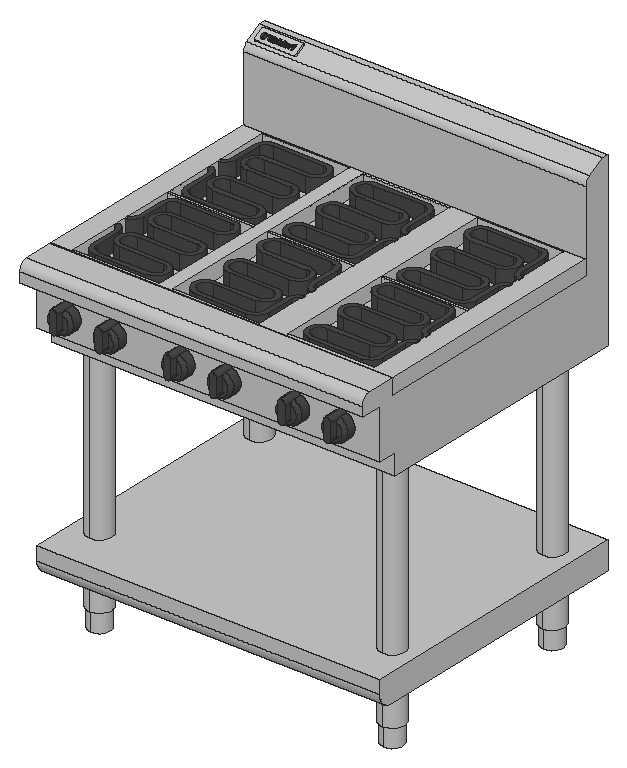
Revit family "QF_MOFFAT WALDORF_RN8600E-LS", category Specialty Equipment, Revit 2012
Parameters
  Weight in Pounds = 297.6237
  Watts = 14400 W
  Volts = 415 V
  URL Cutsheet = "www.moffat.com"
  URL = "www.moffat.com"
  Type Mark [instance] = ""
  Status [instance] = ""
  Specification by User [instance] = ""
  Specification by Manufacturer = ""
  Show Logo [instance] = yes
  Show Casters [instance] = no
  Serial Number = ""
  Seismic Rating = ""
  SMACNA No = ""
  Revision Code [instance] = ""
  Phase = 3
  Omniclass Number and Title = ""
  Number of Poles = 1
  NAFEM Spec ID Number = ""
  Model = "RN8600E-LS"
  Min Ckt Ampacity = 0 A
  Max Overcurrent Protection = 0 A
  Masterspec = ""
  Manufacturer = "MOFFAT WALDORF"
  Legs [instance] = not(Show Casters)  # yes
  Item Number [instance] = ""
  Installed By [instance] = ""
  Identify Quantity as Lot [instance] = yes
  HP = ""
  Furnished By [instance] = ""
  Foodservice Equipment Identifier [instance] = yes
  FL Amps = 20 A
  Elec Conn RI Height = 0.0 mm
  Elec Conn Connection Height = 0.0 mm
  Description = "COOK TOP ELECTRIC ON LEG STAND"
  Cycle = 50 Hz
  Conn Plug = ""
  Conn Conduit = yes
  CSI MasterFormat = ""
  CSI Master Format = ""
  Base Height [instance] = 150.0 mm
  Apparent Power = if(Phase = 3, Volts * FL Amps * 1.73, Volts * FL Amps)  # 14359 VA
Reference planes
  plane 1 "BACK": y = 0
  plane 2: z = 0
  plane 3 "LEFT": x = 0
  plane 4 "RIGHT": x = 900
  plane 5 "FRONT": y = -805
  plane 6 "TOP": z = 1130
  plane 7 "Center Y": x = 450
  plane 8 "Center X": y = -402.5
  plane 9 "Base Height": z = 150
  plane 10: z = 915
  plane 11: x = 65.8
Forms (mm)
  Extrusion 1, solid, material "QF_Finishes_Stainless Steel"
    sketch origin (0, 0, 0) x (0, 1, 0) y (0, 0, 1)
      loop
        line (-805, 891) -> (-805, 866) -> (-749, 866) -> (-749, 735) -> (-699, 735) -> (-699, 680) -> (0, 680) -> (0, 1130) -> (-16.5, 1130) -> (-58.709, 1105.631)
        arc (-58.709, 1105.631) -> (-66.975, 1097.365) -> (-70, 1086.074) r 22.582
        line (-70, 1086.074) -> (-70, 875) -> (-705, 875) -> (-705, 915) -> (-781, 915)
        arc (-781, 915) -> (-797.971, 907.971) -> (-805, 891) r 24
      loop
        line (0, 222.5) -> (-749, 222.5) -> (-749, 188)
        arc (-749, 188) -> (-737.87, 161.13) -> (-711, 150) r 38
        line (-711, 150) -> (0, 150) -> (0, 222.5)
    from 0 to 900
  Revolve 2, solid, material "QF_Finishes_Black"
    sketch origin (210, 0, 600) x (0, -1, 0) y (0, 0, 1)
      loop
        line (782, 229.605) -> (759, 229.605) -> (759, 202.105) -> (749, 202.105) -> (749, 197.105) -> (793, 197.105) -> (793, 223.757) -> (782, 229.605)
      axis (793, 197.105) -> (749, 197.105)
    angle from 0 to 360
  Extrusion 3, solid, material "QF_Finishes_Black"
    sketch origin (-78.431, 0, 496.003) x (1, 0, 0) y (0, 0, 1)
      loop
        line (298.431, 289) -> (298.431, 327.997)
        arc (298.431, 327.997) -> (288.431, 337.997) -> (278.431, 327.997) r 10
        line (278.431, 327.997) -> (278.431, 289)
        arc (278.431, 289) -> (288.431, 279) -> (298.431, 289) r 10
    from 759 to 808
  Extrusion 4, void
    sketch origin (705, 3, 100) x (1, 0, 0) y (0, 1, 0)
      loop
        circle (65, -35) r 13.5
    from 610 to 570
  Revolve 5, solid, material "QF_Finishes_Black"
    sketch origin (89.999, 0, 599.873) x (0, 1, 0) y (0, 0, -1)
      loop
        line (-782, -229.5) -> (-759, -229.5) -> (-759, -202) -> (-749, -202) -> (-749, -197) -> (-793, -197) -> (-793, -223.651) -> (-782, -229.5)
      axis (-793, -197) -> (-749, -197)
    angle from 0 to 360
  Extrusion 6, solid, material "QF_Finishes_Black"
    sketch origin (228.269, 0, 600.031) x (-1, 0, 0) y (0, 0, -1)
      loop
        arc (148.269, -184.969) -> (138.269, -174.969) -> (128.269, -184.969) r 10
        line (128.269, -184.969) -> (128.269, -223.969)
        arc (128.269, -223.969) -> (138.269, -233.969) -> (148.269, -223.969) r 10
        line (148.269, -223.969) -> (148.269, -184.969)
    from 759 to 808
  Revolve 7, solid, material "QF_Finishes_Black"
    sketch origin (510, 0, 600) x (0, -1, 0) y (0, 0, 1)
      loop
        line (782, 229.605) -> (759, 229.605) -> (759, 202.105) -> (749, 202.105) -> (749, 197.105) -> (793, 197.105) -> (793, 223.757) -> (782, 229.605)
      axis (793, 197.105) -> (749, 197.105)
    angle from 0 to 360
  Extrusion 8, solid, material "QF_Finishes_Black"
    sketch origin (371.569, 0, 496.003) x (1, 0, 0) y (0, 0, 1)
      loop
        line (148.431, 289) -> (148.431, 327.997)
        arc (148.431, 327.997) -> (138.431, 337.997) -> (128.431, 327.997) r 10
        line (128.431, 327.997) -> (128.431, 289)
        arc (128.431, 289) -> (138.431, 279) -> (148.431, 289) r 10
    from 759 to 808
  Revolve 9, solid, material "QF_Finishes_Black"
    sketch origin (389.999, 0, 599.873) x (0, 1, 0) y (0, 0, -1)
      loop
        line (-782, -229.5) -> (-759, -229.5) -> (-759, -202) -> (-749, -202) -> (-749, -197) -> (-793, -197) -> (-793, -223.651) -> (-782, -229.5)
      axis (-793, -197) -> (-749, -197)
    angle from 0 to 360
  Extrusion 10, solid, material "QF_Finishes_Black"
    sketch origin (378.269, 0, 600.031) x (-1, 0, 0) y (0, 0, -1)
      loop
        arc (-1.731, -184.969) -> (-11.731, -174.969) -> (-21.731, -184.969) r 10
        line (-21.731, -184.969) -> (-21.731, -223.969)
        arc (-21.731, -223.969) -> (-11.731, -233.969) -> (-1.731, -223.969) r 10
        line (-1.731, -223.969) -> (-1.731, -184.969)
    from 759 to 808
  Revolve 11, solid, material "QF_Finishes_Black"
    sketch origin (810, 0, 600) x (0, -1, 0) y (0, 0, 1)
      loop
        line (782, 229.605) -> (759, 229.605) -> (759, 202.105) -> (749, 202.105) -> (749, 197.105) -> (793, 197.105) -> (793, 223.757) -> (782, 229.605)
      axis (793, 197.105) -> (749, 197.105)
    angle from 0 to 360
  Extrusion 12, solid, material "QF_Finishes_Black"
    sketch origin (671.569, 0, 496.003) x (1, 0, 0) y (0, 0, 1)
      loop
        line (148.431, 289) -> (148.431, 327.997)
        arc (148.431, 327.997) -> (138.431, 337.997) -> (128.431, 327.997) r 10
        line (128.431, 327.997) -> (128.431, 289)
        arc (128.431, 289) -> (138.431, 279) -> (148.431, 289) r 10
    from 759 to 808
  Revolve 13, solid, material "QF_Finishes_Black"
    sketch origin (689.999, 0, 599.873) x (0, 1, 0) y (0, 0, -1)
      loop
        line (-782, -229.5) -> (-759, -229.5) -> (-759, -202) -> (-749, -202) -> (-749, -197) -> (-793, -197) -> (-793, -223.651) -> (-782, -229.5)
      axis (-793, -197) -> (-749, -197)
    angle from 0 to 360
  Extrusion 14, solid, material "QF_Finishes_Black"
    sketch origin (678.269, 0, 600.031) x (-1, 0, 0) y (0, 0, -1)
      loop
        arc (-1.731, -184.969) -> (-11.731, -174.969) -> (-21.731, -184.969) r 10
        line (-21.731, -184.969) -> (-21.731, -223.969)
        arc (-21.731, -223.969) -> (-11.731, -233.969) -> (-1.731, -223.969) r 10
        line (-1.731, -223.969) -> (-1.731, -184.969)
    from 759 to 808
  Extrusion 15, solid, material "QF_Finishes_Stainless Steel"
    sketch origin (0, -70, 875) x (0, -1, 0) y (1, 0, 0)
      loop
        line (1, 0) -> (635, 0) -> (635, 900) -> (1, 900) -> (1, 0)
      loop
        line (628.25, 54) -> (628.25, 282.75) -> (321.3, 282.75) -> (321.3, 54) -> (628.25, 54)
      loop
        line (6.75, 54) -> (313.7, 54) -> (313.7, 282.75) -> (6.75, 282.75) -> (6.75, 54)
      loop
        line (6.75, 317.25) -> (313.7, 317.25) -> (313.7, 546) -> (6.75, 546) -> (6.75, 317.25)
      loop
        line (628.25, 317.25) -> (628.25, 546) -> (321.3, 546) -> (321.3, 317.25) -> (628.25, 317.25)
      loop
        line (628.25, 846) -> (321.3, 846) -> (321.3, 617.25) -> (628.25, 617.25) -> (628.25, 846)
      loop
        line (6.75, 846) -> (6.75, 617.25) -> (313.7, 617.25) -> (313.7, 846) -> (6.75, 846)
    from 0 to 40
  Extrusion 16, solid, material "QF_Finishes_Black"
    sketch origin (0, -70, 875) x (0, -1, 0) y (1, 0, 0)
      loop
        arc (20.503, 102.138) -> (29.265, 78.692) -> (52.032, 68.293) r 32.731
        line (52.032, 68.293) -> (123.291, 68.293)
        arc (123.291, 68.293) -> (134.915, 64.189) -> (141.853, 54) r 19.786
        line (141.853, 54) -> (154.156, 54)
        arc (154.156, 54) -> (143.507, 72.673) -> (123.41, 80.3) r 31.79
        line (123.41, 80.3) -> (52.272, 80.3)
        arc (52.272, 80.3) -> (37.925, 87.003) -> (32.5, 101.881) r 20.722
        line (32.5, 101.881) -> (32.5, 234.6)
        arc (32.5, 234.6) -> (54.2, 256.3) -> (75.9, 234.6) r 21.7
        line (75.9, 234.6) -> (75.9, 122)
        arc (75.9, 122) -> (109.6, 88.3) -> (143.3, 122) r 33.7
        line (143.3, 122) -> (143.3, 234.6)
        arc (143.3, 234.6) -> (165, 256.3) -> (186.7, 234.6) r 21.7
        line (186.7, 234.6) -> (186.7, 122)
        arc (186.7, 122) -> (220.4, 88.3) -> (254.1, 122) r 33.7
        line (254.1, 122) -> (254.1, 234.6)
        arc (254.1, 234.6) -> (275.8, 256.3) -> (297.5, 234.6) r 21.7
        line (297.5, 234.6) -> (297.5, 101.881)
        arc (297.5, 101.881) -> (292.075, 87.003) -> (277.728, 80.3) r 20.722
        line (277.728, 80.3) -> (206.584, 80.3)
        arc (206.584, 80.3) -> (186.467, 72.659) -> (175.749, 54) r 31.973
        line (175.749, 54) -> (188.064, 54)
        arc (188.064, 54) -> (195.064, 64.184) -> (206.716, 68.3) r 19.973
        line (206.716, 68.3) -> (277.967, 68.3)
        arc (277.967, 68.3) -> (300.725, 78.682) -> (309.5, 102.106) r 32.722
        line (309.5, 102.106) -> (309.5, 234.6)
        arc (309.5, 234.6) -> (275.8, 268.3) -> (242.1, 234.6) r 33.7
        line (242.1, 234.6) -> (242.1, 122)
        arc (242.1, 122) -> (220.4, 100.3) -> (198.7, 122) r 21.7
        line (198.7, 122) -> (198.7, 234.6)
        arc (198.7, 234.6) -> (165, 268.3) -> (131.3, 234.6) r 33.7
        line (131.3, 234.6) -> (131.3, 122)
        arc (131.3, 122) -> (109.6, 100.3) -> (87.9, 122) r 21.7
        line (87.9, 122) -> (87.9, 234.6)
        arc (87.9, 234.6) -> (54.202, 268.298) -> (20.503, 234.6) r 33.698
        line (20.503, 234.6) -> (20.503, 102.138)
      loop
        arc (325.503, 102.138) -> (334.265, 78.692) -> (357.032, 68.293) r 32.731
        line (357.032, 68.293) -> (428.291, 68.293)
        arc (428.291, 68.293) -> (439.915, 64.189) -> (446.853, 54) r 19.786
        line (446.853, 54) -> (459.156, 54)
        arc (459.156, 54) -> (448.507, 72.673) -> (428.41, 80.3) r 31.79
        line (428.41, 80.3) -> (357.272, 80.3)
        arc (357.272, 80.3) -> (342.925, 87.003) -> (337.5, 101.881) r 20.722
        line (337.5, 101.881) -> (337.5, 234.6)
        arc (337.5, 234.6) -> (359.2, 256.3) -> (380.9, 234.6) r 21.7
        line (380.9, 234.6) -> (380.9, 122)
        arc (380.9, 122) -> (414.6, 88.3) -> (448.3, 122) r 33.7
        line (448.3, 122) -> (448.3, 234.6)
        arc (448.3, 234.6) -> (470, 256.3) -> (491.7, 234.6) r 21.7
        line (491.7, 234.6) -> (491.7, 122)
        arc (491.7, 122) -> (525.4, 88.3) -> (559.1, 122) r 33.7
        line (559.1, 122) -> (559.1, 234.6)
        arc (559.1, 234.6) -> (580.8, 256.3) -> (602.5, 234.6) r 21.7
        line (602.5, 234.6) -> (602.5, 101.881)
        arc (602.5, 101.881) -> (597.075, 87.003) -> (582.728, 80.3) r 20.722
        line (582.728, 80.3) -> (511.584, 80.3)
        arc (511.584, 80.3) -> (491.467, 72.659) -> (480.749, 54) r 31.973
        line (480.749, 54) -> (493.064, 54)
        arc (493.064, 54) -> (500.064, 64.184) -> (511.716, 68.3) r 19.973
        line (511.716, 68.3) -> (582.967, 68.3)
        arc (582.967, 68.3) -> (605.725, 78.682) -> (614.5, 102.106) r 32.722
        line (614.5, 102.106) -> (614.5, 234.6)
        arc (614.5, 234.6) -> (580.8, 268.3) -> (547.1, 234.6) r 33.7
        line (547.1, 234.6) -> (547.1, 122)
        arc (547.1, 122) -> (525.4, 100.3) -> (503.7, 122) r 21.7
        line (503.7, 122) -> (503.7, 234.6)
        arc (503.7, 234.6) -> (470, 268.3) -> (436.3, 234.6) r 33.7
        line (436.3, 234.6) -> (436.3, 122)
        arc (436.3, 122) -> (414.6, 100.3) -> (392.9, 122) r 21.7
        line (392.9, 122) -> (392.9, 234.6)
        arc (392.9, 234.6) -> (359.202, 268.298) -> (325.503, 234.6) r 33.698
        line (325.503, 234.6) -> (325.503, 102.138)
      loop
        line (20.503, 497.862) -> (20.503, 365.4)
        arc (20.503, 365.4) -> (54.202, 331.702) -> (87.9, 365.4) r 33.698
        line (87.9, 365.4) -> (87.9, 478)
        arc (87.9, 478) -> (109.6, 499.7) -> (131.3, 478) r 21.7
        line (131.3, 478) -> (131.3, 365.4)
        arc (131.3, 365.4) -> (165, 331.7) -> (198.7, 365.4) r 33.7
        line (198.7, 365.4) -> (198.7, 478)
        arc (198.7, 478) -> (220.4, 499.7) -> (242.1, 478) r 21.7
        line (242.1, 478) -> (242.1, 365.4)
        arc (242.1, 365.4) -> (275.8, 331.7) -> (309.5, 365.4) r 33.7
        line (309.5, 365.4) -> (309.5, 497.894)
        arc (309.5, 497.894) -> (300.725, 521.318) -> (277.967, 531.7) r 32.722
        line (277.967, 531.7) -> (206.716, 531.7)
        arc (206.716, 531.7) -> (195.064, 535.816) -> (188.064, 546) r 19.973
        line (188.064, 546) -> (175.749, 546)
        arc (175.749, 546) -> (186.467, 527.341) -> (206.584, 519.7) r 31.973
        line (206.584, 519.7) -> (277.728, 519.7)
        arc (277.728, 519.7) -> (292.075, 512.997) -> (297.5, 498.119) r 20.722
        line (297.5, 498.119) -> (297.5, 365.4)
        arc (297.5, 365.4) -> (275.8, 343.7) -> (254.1, 365.4) r 21.7
        line (254.1, 365.4) -> (254.1, 478)
        arc (254.1, 478) -> (220.4, 511.7) -> (186.7, 478) r 33.7
        line (186.7, 478) -> (186.7, 365.4)
        arc (186.7, 365.4) -> (165, 343.7) -> (143.3, 365.4) r 21.7
        line (143.3, 365.4) -> (143.3, 478)
        arc (143.3, 478) -> (109.6, 511.7) -> (75.9, 478) r 33.7
        line (75.9, 478) -> (75.9, 365.4)
        arc (75.9, 365.4) -> (54.2, 343.7) -> (32.5, 365.4) r 21.7
        line (32.5, 365.4) -> (32.5, 498.119)
        arc (32.5, 498.119) -> (37.925, 512.997) -> (52.272, 519.7) r 20.722
        line (52.272, 519.7) -> (123.41, 519.7)
        arc (123.41, 519.7) -> (143.507, 527.327) -> (154.156, 546) r 31.79
        line (154.156, 546) -> (141.853, 546)
        arc (141.853, 546) -> (134.915, 535.811) -> (123.291, 531.707) r 19.786
        line (123.291, 531.707) -> (52.032, 531.707)
        arc (52.032, 531.707) -> (29.265, 521.308) -> (20.503, 497.862) r 32.731
      loop
        line (325.503, 497.862) -> (325.503, 365.4)
        arc (325.503, 365.4) -> (359.202, 331.702) -> (392.9, 365.4) r 33.698
        line (392.9, 365.4) -> (392.9, 478)
        arc (392.9, 478) -> (414.6, 499.7) -> (436.3, 478) r 21.7
        line (436.3, 478) -> (436.3, 365.4)
        arc (436.3, 365.4) -> (470, 331.7) -> (503.7, 365.4) r 33.7
        line (503.7, 365.4) -> (503.7, 478)
        arc (503.7, 478) -> (525.4, 499.7) -> (547.1, 478) r 21.7
        line (547.1, 478) -> (547.1, 365.4)
        arc (547.1, 365.4) -> (580.8, 331.7) -> (614.5, 365.4) r 33.7
        line (614.5, 365.4) -> (614.5, 497.894)
        arc (614.5, 497.894) -> (605.725, 521.318) -> (582.967, 531.7) r 32.722
        line (582.967, 531.7) -> (511.716, 531.7)
        arc (511.716, 531.7) -> (500.064, 535.816) -> (493.064, 546) r 19.973
        line (493.064, 546) -> (480.749, 546)
        arc (480.749, 546) -> (491.467, 527.341) -> (511.584, 519.7) r 31.973
        line (511.584, 519.7) -> (582.728, 519.7)
        arc (582.728, 519.7) -> (597.075, 512.997) -> (602.5, 498.119) r 20.722
        line (602.5, 498.119) -> (602.5, 365.4)
        arc (602.5, 365.4) -> (580.8, 343.7) -> (559.1, 365.4) r 21.7
        line (559.1, 365.4) -> (559.1, 478)
        arc (559.1, 478) -> (525.4, 511.7) -> (491.7, 478) r 33.7
        line (491.7, 478) -> (491.7, 365.4)
        arc (491.7, 365.4) -> (470, 343.7) -> (448.3, 365.4) r 21.7
        line (448.3, 365.4) -> (448.3, 478)
        arc (448.3, 478) -> (414.6, 511.7) -> (380.9, 478) r 33.7
        line (380.9, 478) -> (380.9, 365.4)
        arc (380.9, 365.4) -> (359.2, 343.7) -> (337.5, 365.4) r 21.7
        line (337.5, 365.4) -> (337.5, 498.119)
        arc (337.5, 498.119) -> (342.925, 512.997) -> (357.272, 519.7) r 20.722
        line (357.272, 519.7) -> (428.41, 519.7)
        arc (428.41, 519.7) -> (448.507, 527.327) -> (459.156, 546) r 31.79
        line (459.156, 546) -> (446.853, 546)
        arc (446.853, 546) -> (439.915, 535.811) -> (428.291, 531.707) r 19.786
        line (428.291, 531.707) -> (357.032, 531.707)
        arc (357.032, 531.707) -> (334.265, 521.308) -> (325.503, 497.862) r 32.731
      loop
        line (20.503, 797.862) -> (20.503, 665.4)
        arc (20.503, 665.4) -> (54.202, 631.702) -> (87.9, 665.4) r 33.698
        line (87.9, 665.4) -> (87.9, 778)
        arc (87.9, 778) -> (109.6, 799.7) -> (131.3, 778) r 21.7
        line (131.3, 778) -> (131.3, 665.4)
        arc (131.3, 665.4) -> (165, 631.7) -> (198.7, 665.4) r 33.7
        line (198.7, 665.4) -> (198.7, 778)
        arc (198.7, 778) -> (220.4, 799.7) -> (242.1, 778) r 21.7
        line (242.1, 778) -> (242.1, 665.4)
        arc (242.1, 665.4) -> (275.8, 631.7) -> (309.5, 665.4) r 33.7
        line (309.5, 665.4) -> (309.5, 797.894)
        arc (309.5, 797.894) -> (300.725, 821.318) -> (277.967, 831.7) r 32.722
        line (277.967, 831.7) -> (206.716, 831.7)
        arc (206.716, 831.7) -> (195.064, 835.816) -> (188.064, 846) r 19.973
        line (188.064, 846) -> (175.749, 846)
        arc (175.749, 846) -> (186.467, 827.341) -> (206.584, 819.7) r 31.973
        line (206.584, 819.7) -> (277.728, 819.7)
        arc (277.728, 819.7) -> (292.075, 812.997) -> (297.5, 798.119) r 20.722
        line (297.5, 798.119) -> (297.5, 665.4)
        arc (297.5, 665.4) -> (275.8, 643.7) -> (254.1, 665.4) r 21.7
        line (254.1, 665.4) -> (254.1, 778)
        arc (254.1, 778) -> (220.4, 811.7) -> (186.7, 778) r 33.7
        line (186.7, 778) -> (186.7, 665.4)
        arc (186.7, 665.4) -> (165, 643.7) -> (143.3, 665.4) r 21.7
        line (143.3, 665.4) -> (143.3, 778)
        arc (143.3, 778) -> (109.6, 811.7) -> (75.9, 778) r 33.7
        line (75.9, 778) -> (75.9, 665.4)
        arc (75.9, 665.4) -> (54.2, 643.7) -> (32.5, 665.4) r 21.7
        line (32.5, 665.4) -> (32.5, 798.119)
        arc (32.5, 798.119) -> (37.925, 812.997) -> (52.272, 819.7) r 20.722
        line (52.272, 819.7) -> (123.41, 819.7)
        arc (123.41, 819.7) -> (143.507, 827.327) -> (154.156, 846) r 31.79
        line (154.156, 846) -> (141.853, 846)
        arc (141.853, 846) -> (134.915, 835.811) -> (123.291, 831.707) r 19.786
        line (123.291, 831.707) -> (52.032, 831.707)
        arc (52.032, 831.707) -> (29.265, 821.308) -> (20.503, 797.862) r 32.731
      loop
        line (325.503, 797.862) -> (325.503, 665.4)
        arc (325.503, 665.4) -> (359.202, 631.702) -> (392.9, 665.4) r 33.698
        line (392.9, 665.4) -> (392.9, 778)
        arc (392.9, 778) -> (414.6, 799.7) -> (436.3, 778) r 21.7
        line (436.3, 778) -> (436.3, 665.4)
        arc (436.3, 665.4) -> (470, 631.7) -> (503.7, 665.4) r 33.7
        line (503.7, 665.4) -> (503.7, 778)
        arc (503.7, 778) -> (525.4, 799.7) -> (547.1, 778) r 21.7
        line (547.1, 778) -> (547.1, 665.4)
        arc (547.1, 665.4) -> (580.8, 631.7) -> (614.5, 665.4) r 33.7
        line (614.5, 665.4) -> (614.5, 797.894)
        arc (614.5, 797.894) -> (605.725, 821.318) -> (582.967, 831.7) r 32.722
        line (582.967, 831.7) -> (511.716, 831.7)
        arc (511.716, 831.7) -> (500.064, 835.816) -> (493.064, 846) r 19.973
        line (493.064, 846) -> (480.749, 846)
        arc (480.749, 846) -> (491.467, 827.341) -> (511.584, 819.7) r 31.973
        line (511.584, 819.7) -> (582.728, 819.7)
        arc (582.728, 819.7) -> (597.075, 812.997) -> (602.5, 798.119) r 20.722
        line (602.5, 798.119) -> (602.5, 665.4)
        arc (602.5, 665.4) -> (580.8, 643.7) -> (559.1, 665.4) r 21.7
        line (559.1, 665.4) -> (559.1, 778)
        arc (559.1, 778) -> (525.4, 811.7) -> (491.7, 778) r 33.7
        line (491.7, 778) -> (491.7, 665.4)
        arc (491.7, 665.4) -> (470, 643.7) -> (448.3, 665.4) r 21.7
        line (448.3, 665.4) -> (448.3, 778)
        arc (448.3, 778) -> (414.6, 811.7) -> (380.9, 778) r 33.7
        line (380.9, 778) -> (380.9, 665.4)
        arc (380.9, 665.4) -> (359.2, 643.7) -> (337.5, 665.4) r 21.7
        line (337.5, 665.4) -> (337.5, 798.119)
        arc (337.5, 798.119) -> (342.925, 812.997) -> (357.272, 819.7) r 20.722
        line (357.272, 819.7) -> (428.41, 819.7)
        arc (428.41, 819.7) -> (448.507, 827.327) -> (459.156, 846) r 31.79
        line (459.156, 846) -> (446.853, 846)
        arc (446.853, 846) -> (439.915, 835.811) -> (428.291, 831.707) r 19.786
        line (428.291, 831.707) -> (357.032, 831.707)
        arc (357.032, 831.707) -> (334.265, 821.308) -> (325.503, 797.862) r 32.731
    from 0 to 40
  Revolve 17, solid, material "QF_Finishes_Stainless Steel", visible <- "Legs"
    sketch origin (65, -165, 0) x (0, 1, 0) y (0, 0, 1)
      loop
        line (33.25, 150) -> (33.25, 50) -> (37.5, 50) -> (37.5, 0) -> (65, 0) -> (65, 150) -> (33.25, 150)
      axis (65, 150) -> (65, 0)
    angle from 0 to 360
  Revolve 18, solid, material "QF_Finishes_Stainless Steel"
    sketch origin (65, -735, 0) x (0, 1, 0) y (0, 0, 1)
      loop
        line (78.25, 150) -> (78.25, 50) -> (82.5, 50) -> (82.5, 0) -> (110, 0) -> (110, 150) -> (78.25, 150)
      axis (110, 150) -> (110, 0)
    angle from 0 to 360
  Revolve 19, solid, material "QF_Finishes_Stainless Steel", visible <- "Legs"
    sketch origin (835, -165, 0) x (0, 1, 0) y (0, 0, -1)
      loop
        line (33.25, -150) -> (65, -150) -> (65, 0) -> (37.5, 0) -> (37.5, -50) -> (33.25, -50) -> (33.25, -150)
      axis (65, -150) -> (65, 0)
    angle from 0 to 360
  Revolve 20, solid, material "QF_Finishes_Stainless Steel"
    sketch origin (835, -735, 0) x (0, 1, 0) y (0, 0, -1)
      loop
        line (78.25, -150) -> (110, -150) -> (110, 0) -> (82.5, 0) -> (82.5, -50) -> (78.25, -50) -> (78.25, -150)
      axis (110, -150) -> (110, 0)
    angle from 0 to 360
  Extrusion 21, solid, material "QF_Finishes_Stainless Steel"
    sketch origin (0, 0, 222.5) x (0, -1, 0) y (1, 0, 0)
      loop
        circle (100, 65) r 31.75
      loop
        circle (100, 835) r 31.75
      loop
        circle (625, 65) r 31.75
      loop
        circle (625, 835) r 31.75
    from 0 to 457.5
Cuts and joins
  Extrusion 4 cuts Extrusion 1
Lines and regions (mm)
  Split face 1
    outline origin (49.063, -19.748, 1128.125) x (0, -0.866025, -0.5) y (1, 0, 0)
      loop
        line (1.427, 105.5) -> (35.836, 105.5) -> (35.836, 125.5) -> (1.427, 125.5) -> (1.427, 105.5)
  Split face 2
    outline origin (99.063, -19.748, 1128.125) x (0, -0.866025, -0.5) y (1, 0, 0)
      loop
        line (1.427, 105.5) -> (35.836, 105.5) -> (35.836, 125.5) -> (1.427, 125.5) -> (1.427, 105.5)
  Split face 3
    outline origin (149.063, -19.748, 1128.125) x (0, -0.866025, -0.5) y (1, 0, 0)
      loop
        line (1.427, 105.5) -> (35.836, 105.5) -> (35.836, 125.5) -> (1.427, 125.5) -> (1.427, 105.5)
  Split face 4
    outline origin (199.063, -19.748, 1128.125) x (0, -0.866025, -0.5) y (1, 0, 0)
      loop
        line (1.427, 105.5) -> (35.836, 105.5) -> (35.836, 125.5) -> (1.427, 125.5) -> (1.427, 105.5)
  Split face 5
    outline origin (249.063, -19.748, 1128.125) x (0, -0.866025, -0.5) y (1, 0, 0)
      loop
        line (1.427, 105.5) -> (35.836, 105.5) -> (35.836, 125.5) -> (1.427, 125.5) -> (1.427, 105.5)
  Split face 6
    outline origin (299.063, -19.748, 1128.125) x (0, -0.866025, -0.5) y (1, 0, 0)
      loop
        line (1.427, 105.5) -> (35.836, 105.5) -> (35.836, 125.5) -> (1.427, 125.5) -> (1.427, 105.5)
  Split face 7
    outline origin (349.063, -19.748, 1128.125) x (0, -0.866025, -0.5) y (1, 0, 0)
      loop
        line (1.427, 105.5) -> (35.836, 105.5) -> (35.836, 125.5) -> (1.427, 125.5) -> (1.427, 105.5)
  Split face 8
    outline origin (399.063, -19.748, 1128.125) x (0, -0.866025, -0.5) y (1, 0, 0)
      loop
        line (1.427, 105.5) -> (35.836, 105.5) -> (35.836, 125.5) -> (1.427, 125.5) -> (1.427, 105.5)
  Split face 9
    outline origin (449.063, -19.748, 1128.125) x (0, -0.866025, -0.5) y (1, 0, 0)
      loop
        line (1.427, 105.5) -> (35.836, 105.5) -> (35.836, 125.5) -> (1.427, 125.5) -> (1.427, 105.5)
  Split face 10
    outline origin (499.063, -19.748, 1128.125) x (0, -0.866025, -0.5) y (1, 0, 0)
      loop
        line (1.427, 105.5) -> (35.836, 105.5) -> (35.836, 125.5) -> (1.427, 125.5) -> (1.427, 105.5)
  Split face 11
    outline origin (549.063, -19.748, 1128.125) x (0, -0.866025, -0.5) y (1, 0, 0)
      loop
        line (1.427, 105.5) -> (35.836, 105.5) -> (35.836, 125.5) -> (1.427, 125.5) -> (1.427, 105.5)
  Split face 12
    outline origin (599.063, -19.748, 1128.125) x (0, -0.866025, -0.5) y (1, 0, 0)
      loop
        line (1.427, 105.5) -> (35.836, 105.5) -> (35.836, 125.5) -> (1.427, 125.5) -> (1.427, 105.5)
  symbolic lines, visible <- "Show Logo"
    curve 1: line (12.5, -52.06, 0) -> (12.5, -21.099, 0)
    curve 2: line (121.5, -21.099, 0) -> (121.5, -52.06, 0)
    curve 3: line (12.5, -21.099, 0) -> (121.5, -21.099, 0)
    curve 4: line (12.5, -52.06, 0) -> (121.5, -52.06, 0)
  symbolic lines
    curve 5: line (154.563, -50.782, 0) -> (154.563, -20.984, 0)
    curve 6: line (154.563, -20.984, 0) -> (174.562, -20.984, 0)
    curve 7: line (174.562, -20.984, 0) -> (174.562, -50.782, 0)
    curve 8: line (174.562, -50.782, 0) -> (154.563, -50.782, 0)
    curve 9: line (204.563, -20.984, 0) -> (204.563, -50.782, 0)
    curve 10: line (204.563, -50.782, 0) -> (224.562, -50.782, 0)
    curve 11: line (224.562, -50.782, 0) -> (224.562, -20.984, 0)
    curve 12: line (224.562, -20.984, 0) -> (204.563, -20.984, 0)
    curve 13: line (254.563, -20.984, 0) -> (254.563, -50.782, 0)
    curve 14: line (254.563, -50.782, 0) -> (274.562, -50.782, 0)
    curve 15: line (274.562, -50.782, 0) -> (274.562, -20.984, 0)
    curve 16: line (274.562, -20.984, 0) -> (254.563, -20.984, 0)
    curve 17: line (304.563, -20.984, 0) -> (304.563, -50.782, 0)
    curve 18: line (304.563, -50.782, 0) -> (324.563, -50.782, 0)
    curve 19: line (324.563, -50.782, 0) -> (324.563, -20.984, 0)
    curve 20: line (324.563, -20.984, 0) -> (304.563, -20.984, 0)
    curve 21: line (354.563, -20.984, 0) -> (354.563, -50.782, 0)
    curve 22: line (354.563, -50.782, 0) -> (374.563, -50.782, 0)
    curve 23: line (374.563, -50.782, 0) -> (374.563, -20.984, 0)
    curve 24: line (374.563, -20.984, 0) -> (354.563, -20.984, 0)
    curve 25: line (404.563, -50.782, 0) -> (404.563, -20.984, 0)
    curve 26: line (404.563, -20.984, 0) -> (424.563, -20.984, 0)
    curve 27: line (424.563, -20.984, 0) -> (424.563, -50.782, 0)
    curve 28: line (424.563, -50.782, 0) -> (404.563, -50.782, 0)
    curve 29: line (454.563, -50.782, 0) -> (454.563, -20.984, 0)
    curve 30: line (454.563, -20.984, 0) -> (474.563, -20.984, 0)
    curve 31: line (474.563, -20.984, 0) -> (474.563, -50.782, 0)
    curve 32: line (474.563, -50.782, 0) -> (454.563, -50.782, 0)
    curve 33: line (504.563, -20.984, 0) -> (504.563, -50.782, 0)
    curve 34: line (504.563, -50.782, 0) -> (524.563, -50.782, 0)
    curve 35: line (524.563, -50.782, 0) -> (524.563, -20.984, 0)
    curve 36: line (524.563, -20.984, 0) -> (504.563, -20.984, 0)
    curve 37: line (554.563, -50.782, 0) -> (554.563, -20.984, 0)
    curve 38: line (554.563, -20.984, 0) -> (574.563, -20.984, 0)
    curve 39: line (574.563, -20.984, 0) -> (574.563, -50.782, 0)
    curve 40: line (574.563, -50.782, 0) -> (554.563, -50.782, 0)
    curve 41: line (604.563, -50.782, 0) -> (604.563, -20.984, 0)
    curve 42: line (604.563, -20.984, 0) -> (624.563, -20.984, 0)
    curve 43: line (624.563, -20.984, 0) -> (624.563, -50.782, 0)
    curve 44: line (624.563, -50.782, 0) -> (604.563, -50.782, 0)
    curve 45: line (654.563, -50.782, 0) -> (654.563, -20.984, 0)
    curve 46: line (654.563, -20.984, 0) -> (674.563, -20.984, 0)
    curve 47: line (674.563, -20.984, 0) -> (674.563, -50.782, 0)
    curve 48: line (674.563, -50.782, 0) -> (654.563, -50.782, 0)
    curve 49: line (724.563, -50.782, 0) -> (704.563, -50.782, 0)
    curve 50: line (704.563, -50.782, 0) -> (704.563, -20.984, 0)
    curve 51: line (704.563, -20.984, 0) -> (724.563, -20.984, 0)
    curve 52: line (724.563, -20.984, 0) -> (724.563, -50.782, 0)
    curve 53: line (0, -805, 0) -> (900, -805, 0)
    curve 54: line (0, 0, 0) -> (0, -805, 0)
    curve 55: line (900, -805, 0) -> (900, 0, 0)
    curve 56: line (900, 0, 0) -> (0, 0, 0)
    curve 57: line (0, -70, 0) -> (900, -70, 0)
    curve 58: line (900, -705, 0) -> (0, -705, 0)
    curve 59: arc (54, -218.043, 0) -> (68.436, -209.222, 0) -> (74.3, -193.354, 0) r 25.79
    curve 60: line (74.3, -193.354, 0) -> (74.3, -122.146, 0)
    curve 61: arc (74.3, -122.146, 0) -> (82.847, -103.595, 0) -> (102, -96.5, 0) r 26.722
    curve 62: line (102, -96.5, 0) -> (234.6, -96.5, 0)
    curve 63: arc (234.6, -96.5, 0) -> (262.3, -124.2, 0) -> (234.6, -151.9, 0) r 27.7
    curve 64: line (234.6, -151.9, 0) -> (122, -151.9, 0)
    curve 65: arc (122, -151.9, 0) -> (94.3, -179.6, 0) -> (122, -207.3, 0) r 27.7
    curve 66: line (122, -207.3, 0) -> (234.6, -207.3, 0)
    curve 67: arc (234.6, -207.3, 0) -> (262.3, -235, 0) -> (234.6, -262.7, 0) r 27.7
    curve 68: line (234.6, -262.7, 0) -> (122, -262.7, 0)
    curve 69: arc (122, -262.7, 0) -> (94.3, -290.4, 0) -> (122, -318.1, 0) r 27.7
    curve 70: line (122, -318.1, 0) -> (234.6, -318.1, 0)
    curve 71: arc (234.6, -318.1, 0) -> (262.3, -345.8, 0) -> (234.6, -373.5, 0) r 27.7
    curve 72: line (234.6, -373.5, 0) -> (102, -373.5, 0)
    curve 73: arc (102, -373.5, 0) -> (82.847, -366.405, 0) -> (74.3, -347.854, 0) r 26.722
    curve 74: line (74.3, -347.854, 0) -> (74.3, -276.646, 0)
    curve 75: arc (74.3, -276.646, 0) -> (68.424, -260.755, 0) -> (54, -251.869, 0) r 25.973
    curve 76: arc (54, -523.043, 0) -> (68.436, -514.222, 0) -> (74.3, -498.354, 0) r 25.79
    curve 77: line (74.3, -498.354, 0) -> (74.3, -427.146, 0)
    curve 78: arc (74.3, -427.146, 0) -> (82.847, -408.595, 0) -> (102, -401.5, 0) r 26.722
    curve 79: line (102, -401.5, 0) -> (234.6, -401.5, 0)
    curve 80: arc (234.6, -401.5, 0) -> (262.3, -429.2, 0) -> (234.6, -456.9, 0) r 27.7
    curve 81: line (234.6, -456.9, 0) -> (122, -456.9, 0)
    curve 82: arc (122, -456.9, 0) -> (94.3, -484.6, 0) -> (122, -512.3, 0) r 27.7
    curve 83: line (122, -512.3, 0) -> (234.6, -512.3, 0)
    curve 84: arc (234.6, -512.3, 0) -> (262.3, -540, 0) -> (234.6, -567.7, 0) r 27.7
    curve 85: line (234.6, -567.7, 0) -> (122, -567.7, 0)
    curve 86: arc (122, -567.7, 0) -> (94.3, -595.4, 0) -> (122, -623.1, 0) r 27.7
    curve 87: line (122, -623.1, 0) -> (234.6, -623.1, 0)
    curve 88: arc (234.6, -623.1, 0) -> (262.3, -650.8, 0) -> (234.6, -678.5, 0) r 27.7
    curve 89: line (234.6, -678.5, 0) -> (102, -678.5, 0)
    curve 90: arc (102, -678.5, 0) -> (82.847, -671.405, 0) -> (74.3, -652.854, 0) r 26.722
    curve 91: line (74.3, -652.854, 0) -> (74.3, -581.646, 0)
    curve 92: arc (74.3, -581.646, 0) -> (68.424, -565.755, 0) -> (54, -556.869, 0) r 25.973
    curve 93: arc (545.338, -218.043, 0) -> (530.902, -209.222, 0) -> (525.038, -193.354, 0) r 25.79
    curve 94: line (525.038, -193.354, 0) -> (525.038, -122.146, 0)
    curve 95: arc (525.038, -122.146, 0) -> (516.491, -103.595, 0) -> (497.338, -96.5, 0) r 26.722
    curve 96: line (497.338, -96.5, 0) -> (364.738, -96.5, 0)
    curve 97: arc (364.738, -96.5, 0) -> (337.038, -124.2, 0) -> (364.738, -151.9, 0) r 27.7
    curve 98: line (364.738, -151.9, 0) -> (477.338, -151.9, 0)
    curve 99: arc (477.338, -151.9, 0) -> (505.038, -179.6, 0) -> (477.338, -207.3, 0) r 27.7
    curve 100: line (477.338, -207.3, 0) -> (364.738, -207.3, 0)
    curve 101: arc (364.738, -207.3, 0) -> (337.038, -235, 0) -> (364.738, -262.7, 0) r 27.7
    curve 102: line (364.738, -262.7, 0) -> (477.338, -262.7, 0)
    curve 103: arc (477.338, -262.7, 0) -> (505.038, -290.4, 0) -> (477.338, -318.1, 0) r 27.7
    curve 104: line (477.338, -318.1, 0) -> (364.738, -318.1, 0)
    curve 105: arc (364.738, -318.1, 0) -> (337.038, -345.8, 0) -> (364.738, -373.5, 0) r 27.7
    curve 106: line (364.738, -373.5, 0) -> (497.338, -373.5, 0)
    curve 107: arc (497.338, -373.5, 0) -> (516.491, -366.405, 0) -> (525.038, -347.854, 0) r 26.722
    curve 108: line (525.038, -347.854, 0) -> (525.038, -276.646, 0)
    curve 109: arc (525.038, -276.646, 0) -> (530.914, -260.755, 0) -> (545.338, -251.869, 0) r 25.973
    curve 110: arc (545.338, -523.043, 0) -> (530.902, -514.222, 0) -> (525.038, -498.354, 0) r 25.79
    curve 111: line (525.038, -498.354, 0) -> (525.038, -427.146, 0)
    curve 112: arc (525.038, -427.146, 0) -> (516.491, -408.595, 0) -> (497.338, -401.5, 0) r 26.722
    curve 113: line (497.338, -401.5, 0) -> (364.738, -401.5, 0)
    curve 114: arc (364.738, -401.5, 0) -> (337.038, -429.2, 0) -> (364.738, -456.9, 0) r 27.7
    curve 115: line (364.738, -456.9, 0) -> (477.338, -456.9, 0)
    curve 116: arc (477.338, -456.9, 0) -> (505.038, -484.6, 0) -> (477.338, -512.3, 0) r 27.7
    curve 117: line (477.338, -512.3, 0) -> (364.738, -512.3, 0)
    curve 118: arc (364.738, -512.3, 0) -> (337.038, -540, 0) -> (364.738, -567.7, 0) r 27.7
    curve 119: line (364.738, -567.7, 0) -> (477.338, -567.7, 0)
    curve 120: arc (477.338, -567.7, 0) -> (505.038, -595.4, 0) -> (477.338, -623.1, 0) r 27.7
    curve 121: line (477.338, -623.1, 0) -> (364.738, -623.1, 0)
    curve 122: arc (364.738, -623.1, 0) -> (337.038, -650.8, 0) -> (364.738, -678.5, 0) r 27.7
    curve 123: line (364.738, -678.5, 0) -> (497.338, -678.5, 0)
    curve 124: arc (497.338, -678.5, 0) -> (516.491, -671.405, 0) -> (525.038, -652.854, 0) r 26.722
    curve 125: line (525.038, -652.854, 0) -> (525.038, -581.646, 0)
    curve 126: arc (525.038, -581.646, 0) -> (530.914, -565.755, 0) -> (545.338, -556.869, 0) r 25.973
    curve 127: arc (845.338, -218.043, 0) -> (830.902, -209.222, 0) -> (825.038, -193.354, 0) r 25.79
    curve 128: line (825.038, -193.354, 0) -> (825.038, -122.146, 0)
    curve 129: arc (825.038, -122.146, 0) -> (816.491, -103.595, 0) -> (797.338, -96.5, 0) r 26.722
    curve 130: line (797.338, -96.5, 0) -> (664.738, -96.5, 0)
    curve 131: arc (664.738, -96.5, 0) -> (637.038, -124.2, 0) -> (664.738, -151.9, 0) r 27.7
    curve 132: line (664.738, -151.9, 0) -> (777.338, -151.9, 0)
    curve 133: arc (777.338, -151.9, 0) -> (805.038, -179.6, 0) -> (777.338, -207.3, 0) r 27.7
    curve 134: line (777.338, -207.3, 0) -> (664.738, -207.3, 0)
    curve 135: arc (664.738, -207.3, 0) -> (637.038, -235, 0) -> (664.738, -262.7, 0) r 27.7
    curve 136: line (664.738, -262.7, 0) -> (777.338, -262.7, 0)
    curve 137: arc (777.338, -262.7, 0) -> (805.038, -290.4, 0) -> (777.338, -318.1, 0) r 27.7
    curve 138: line (777.338, -318.1, 0) -> (664.738, -318.1, 0)
    curve 139: arc (664.738, -318.1, 0) -> (637.038, -345.8, 0) -> (664.738, -373.5, 0) r 27.7
    curve 140: line (664.738, -373.5, 0) -> (797.338, -373.5, 0)
    curve 141: arc (797.338, -373.5, 0) -> (816.491, -366.405, 0) -> (825.038, -347.854, 0) r 26.722
    curve 142: line (825.038, -347.854, 0) -> (825.038, -276.646, 0)
    curve 143: arc (825.038, -276.646, 0) -> (830.914, -260.755, 0) -> (845.338, -251.869, 0) r 25.973
    curve 144: arc (845.338, -523.043, 0) -> (830.902, -514.222, 0) -> (825.038, -498.354, 0) r 25.79
    curve 145: line (825.038, -498.354, 0) -> (825.038, -427.146, 0)
    curve 146: arc (825.038, -427.146, 0) -> (816.491, -408.595, 0) -> (797.338, -401.5, 0) r 26.722
    curve 147: line (797.338, -401.5, 0) -> (664.738, -401.5, 0)
    curve 148: arc (664.738, -401.5, 0) -> (637.038, -429.2, 0) -> (664.738, -456.9, 0) r 27.7
    curve 149: line (664.738, -456.9, 0) -> (777.338, -456.9, 0)
    curve 150: arc (777.338, -456.9, 0) -> (805.038, -484.6, 0) -> (777.338, -512.3, 0) r 27.7
    curve 151: line (777.338, -512.3, 0) -> (664.738, -512.3, 0)
    curve 152: arc (664.738, -512.3, 0) -> (637.038, -540, 0) -> (664.738, -567.7, 0) r 27.7
    curve 153: line (664.738, -567.7, 0) -> (777.338, -567.7, 0)
    curve 154: arc (777.338, -567.7, 0) -> (805.038, -595.4, 0) -> (777.338, -623.1, 0) r 27.7
    curve 155: line (777.338, -623.1, 0) -> (664.738, -623.1, 0)
    curve 156: arc (664.738, -623.1, 0) -> (637.038, -650.8, 0) -> (664.738, -678.5, 0) r 27.7
    curve 157: line (664.738, -678.5, 0) -> (797.338, -678.5, 0)
    curve 158: arc (797.338, -678.5, 0) -> (816.491, -671.405, 0) -> (825.038, -652.854, 0) r 26.722
    curve 159: line (825.038, -652.854, 0) -> (825.038, -581.646, 0)
    curve 160: arc (825.038, -581.646, 0) -> (830.914, -565.755, 0) -> (845.338, -556.869, 0) r 25.973
    curve 161: line (54, -705, 0) -> (54, -70, 0)
    curve 162: line (282.75, -70, 0) -> (282.75, -705, 0)
    curve 163: line (317.25, -705, 0) -> (317.25, -70, 0)
    curve 164: line (546, -70, 0) -> (546, -705, 0)
    curve 165: line (617.25, -705, 0) -> (617.25, -70, 0)
    curve 166: line (846, -70, 0) -> (846, -705, 0)
    curve 167: line (282.75, -387.5, 0) -> (54, -387.5, 0)
    curve 168: line (317.25, -387.5, 0) -> (546, -387.5, 0)
    curve 169: line (617.25, -387.5, 0) -> (846, -387.5, 0)
Dimensions and locks
  equal spacing: plane 3 "LEFT", plane 7 "Center Y", plane 4 "RIGHT"
  plane 3 "LEFT" to plane 4 "RIGHT" = 900.0 mm
  equal spacing: plane 5 "FRONT", plane 8 "Center X", plane 1 "BACK"
  plane 5 "FRONT" to plane 1 "BACK" = 805.0 mm
  "Base Height": plane 9 "Base Height" to level
  plane 6 "TOP" to level = 1130.0 mm
  plane 10 to level = 915.0 mm
  locked: nested 1 to nested 1 at 17.226
  Revolve 11 sketch curve to Revolve 11 sketch curve to Revolve 13 = 11.0 mm locked, 23.0 mm locked
  cut or joined group of Extrusion 1, Extrusion 4 to level = 710.0 mm
  plane 6 "TOP" to nested 1 to nested 1 = 1.576 mm locked, 17.226 mm locked
  aligned and locked: level to plane 2
  aligned and locked: Extrusion 1 to Revolve 11 sketch curve
Automatic sketch dimensions
  curve 53 to plane 3 "LEFT" = 0.0 mm
  plane 1 "BACK" to curve 56 = 0.0 mm
  curve 56 to plane 4 "RIGHT" = 0.0 mm
  plane 5 "FRONT" to curve 55 = 0.0 mm
  plane 3 "LEFT" to curve 1 = 12.5 mm
  plane 3 "LEFT" to curve 75 = 48.333 mm
  plane 3 "LEFT" to curve 92 = 48.333 mm
  plane 3 "LEFT" to curve 76 = 48.516 mm
  plane 3 "LEFT" to curve 59 = 48.516 mm
  curve 92 to curve 92 = 5.667 mm
  curve 161 to plane 8 "Center X" = 302.5 mm
  plane 3 "LEFT" to curve 161 = 54.0 mm
  curve 76 to curve 76 = 5.484 mm
  curve 77 to plane 8 "Center X" = 24.646 mm
  curve 161 to curve 77 = 20.3 mm
  curve 92 to curve 92 = 25.967 mm
  curve 75 to curve 75 = 25.967 mm
  curve 59 to curve 59 = 25.784 mm
  curve 60 to curve 61 = 26.701 mm
  curve 90 to curve 90 = 26.701 mm
  curve 77 to curve 78 = 26.701 mm
  curve 73 to curve 73 = 26.701 mm
  curve 73 to curve 72 = 0.999 mm
  plane 8 "Center X" to curve 78 = 1.0 mm
  curve 78 to curve 78 = 0.999 mm
  curve 90 to curve 89 = 0.999 mm
  curve 61 to curve 62 = 0.999 mm
  curve 61 to curve 2 = 19.5 mm
  curve 78 to curve 82 = 20.999 mm
  curve 61 to curve 65 = 20.999 mm
  curve 75 to curve 68 = 47.7 mm
  curve 91 to curve 85 = 47.7 mm
  curve 2 to curve 5 = 33.062 mm
  curve 5 to curve 7 = 20.0 mm
  curve 7 to curve 9 = 30.0 mm
  curve 9 to curve 12 = 20.0 mm
  curve 85 to curve 85 = 112.6 mm
  curve 89 to curve 85 = 0.0 mm
  curve 69 to curve 70 = 112.6 mm
  curve 68 to curve 70 = 0.0 mm
  curve 79 to curve 72 = 0.0 mm
  curve 64 to curve 67 = 0.0 mm
  curve 11 to curve 16 = 30.0 mm
  curve 13 to curve 14 = 20.0 mm
  curve 14 to curve 162 = 8.187 mm
  curve 162 to curve 18 = 21.813 mm
  curve 162 to curve 163 = 34.5 mm
  curve 17 to curve 20 = 20.0 mm
  curve 19 to curve 21 = 30.0 mm
  plane 8 "Center X" to curve 114 = 1.0 mm
  curve 163 to curve 114 = 47.488 mm
  curve 117 to curve 114 = 0.0 mm
  curve 105 to curve 113 = 0.0 mm
  curve 102 to curve 104 = 0.0 mm
  curve 21 to curve 96 = 10.176 mm
  curve 122 to curve 119 = 0.0 mm
  curve 21 to curve 23 = 20.0 mm
  curve 23 to curve 25 = 30.0 mm
  curve 25 to curve 26 = 20.0 mm
  plane 7 "Center Y" to curve 30 = 4.563 mm
  curve 29 to curve 31 = 20.0 mm
  plane 7 "Center Y" to curve 103 = 27.338 mm
  plane 7 "Center Y" to curve 121 = 27.338 mm
  plane 7 "Center Y" to curve 117 = 27.338 mm
  plane 7 "Center Y" to curve 100 = 27.338 mm
  plane 7 "Center Y" to curve 96 = 47.338 mm
  plane 7 "Center Y" to curve 124 = 47.338 mm
  plane 7 "Center Y" to curve 107 = 47.338 mm
  curve 112 to curve 107 = 0.0 mm
  curve 95 to curve 95 = 0.999 mm
  curve 107 to curve 107 = 0.999 mm
  curve 112 to curve 112 = 0.999 mm
  curve 124 to curve 124 = 0.999 mm
  curve 30 to curve 33 = 30.0 mm
  curve 33 to curve 34 = 20.0 mm
  curve 120 to curve 125 = 47.7 mm
  curve 95 to curve 95 = 26.701 mm
  curve 112 to curve 112 = 26.701 mm
  curve 107 to curve 108 = 26.701 mm
  curve 109 to curve 109 = 20.3 mm
  curve 125 to curve 126 = 20.3 mm
  curve 93 to curve 93 = 20.3 mm
  curve 110 to curve 110 = 20.3 mm
  curve 164 to plane 8 "Center X" = 302.5 mm
  curve 108 to curve 164 = 20.962 mm
  curve 93 to curve 93 = 25.784 mm
  curve 110 to curve 110 = 25.784 mm
  curve 109 to curve 109 = 5.667 mm
  curve 125 to curve 126 = 25.967 mm
  curve 164 to curve 37 = 8.563 mm
  curve 37 to curve 40 = 20.0 mm
  curve 38 to curve 41 = 30.0 mm
  curve 41 to curve 165 = 12.688 mm
  curve 41 to curve 43 = 20.0 mm
  curve 42 to curve 46 = 30.0 mm
  curve 110 to curve 152 = 113.916 mm
  curve 156 to curve 153 = 0.0 mm
  curve 149 to curve 152 = 0.0 mm
  curve 140 to curve 147 = 0.0 mm
  curve 45 to curve 130 = 10.176 mm
  curve 136 to curve 138 = 0.0 mm
  curve 45 to curve 47 = 20.0 mm
  curve 47 to curve 49 = 30.0 mm
  curve 50 to curve 51 = 20.0 mm
  curve 131 to curve 132 = 112.6 mm
  curve 138 to curve 133 = 0.0 mm
  curve 155 to curve 155 = 112.6 mm
  curve 151 to curve 154 = 0.0 mm
  curve 138 to curve 141 = 20.0 mm
  curve 155 to curve 157 = 20.0 mm
  curve 132 to curve 129 = 20.0 mm
  plane 8 "Center X" to curve 147 = 1.0 mm
  curve 147 to curve 141 = 0.0 mm
  curve 141 to curve 141 = 0.999 mm
  curve 146 to curve 146 = 0.999 mm
  curve 129 to curve 129 = 0.999 mm
  curve 158 to curve 158 = 0.999 mm
  curve 150 to curve 145 = 47.7 mm
  curve 133 to curve 127 = 47.7 mm
  curve 154 to curve 160 = 47.7 mm
  curve 137 to curve 143 = 47.7 mm
  curve 127 to curve 127 = 20.3 mm
  curve 143 to curve 143 = 20.3 mm
  curve 160 to curve 160 = 20.3 mm
  curve 144 to curve 144 = 20.3 mm
  curve 166 to plane 8 "Center X" = 302.5 mm
  curve 142 to curve 166 = 20.962 mm
  curve 127 to curve 127 = 25.784 mm
  curve 145 to curve 144 = 25.784 mm
  curve 143 to curve 143 = 5.667 mm
  curve 159 to curve 160 = 25.967 mm
  curve 53 to curve 58 = 100.0 mm
  curve 124 to plane 5 "FRONT" = 126.5 mm
  curve 88 to plane 5 "FRONT" = 126.5 mm
  curve 58 to curve 158 = 26.5 mm
  curve 124 to curve 124 = 25.646 mm
  curve 89 to curve 90 = 25.646 mm
  curve 157 to curve 159 = 25.646 mm
  curve 88 to curve 88 = 27.7 mm
  curve 156 to curve 156 = 27.7 mm
  curve 122 to curve 122 = 27.7 mm
  curve 154 to curve 154 = 27.7 mm
  curve 120 to curve 120 = 27.7 mm
  curve 86 to curve 86 = 27.7 mm
  curve 86 to curve 92 = 13.184 mm
  curve 120 to curve 126 = 13.184 mm
  curve 154 to curve 160 = 13.184 mm
  curve 160 to curve 160 = 0.57 mm
  curve 126 to curve 126 = 0.57 mm
  curve 92 to curve 91 = 0.57 mm
  curve 152 to curve 152 = 27.7 mm
  curve 118 to curve 118 = 27.7 mm
  curve 84 to curve 84 = 27.7 mm
  curve 92 to curve 76 = 33.826 mm
  curve 160 to curve 144 = 33.826 mm
  curve 126 to curve 110 = 33.826 mm
  curve 110 to curve 111 = 24.689 mm
  curve 144 to curve 145 = 24.689 mm
  curve 76 to curve 77 = 24.689 mm
  curve 82 to curve 82 = 27.7 mm
  curve 116 to curve 116 = 27.7 mm
  curve 150 to curve 150 = 27.7 mm
  curve 146 to curve 146 = 26.704 mm
  curve 112 to curve 112 = 26.704 mm
  curve 162 to plane 8 "Center X" = 302.5 mm
  curve 163 to plane 8 "Center X" = 302.5 mm
  curve 165 to plane 8 "Center X" = 302.5 mm
  curve 112 to curve 107 = 28.0 mm
  curve 79 to curve 71 = 28.0 mm
  curve 72 to curve 73 = 25.646 mm
  curve 141 to curve 142 = 25.646 mm
  curve 107 to curve 108 = 25.646 mm
  curve 71 to curve 71 = 27.7 mm
  curve 105 to curve 105 = 27.7 mm
  curve 139 to curve 139 = 27.7 mm
  curve 137 to curve 137 = 27.7 mm
  curve 103 to curve 103 = 27.7 mm
  curve 69 to curve 69 = 27.7 mm
  curve 103 to curve 109 = 13.184 mm
  curve 69 to curve 75 = 13.184 mm
  curve 137 to curve 143 = 13.184 mm
  curve 75 to curve 74 = 0.57 mm
  curve 143 to curve 143 = 0.57 mm
  curve 109 to curve 108 = 0.57 mm
  curve 101 to curve 101 = 27.7 mm
  curve 67 to curve 67 = 27.7 mm
  curve 135 to curve 135 = 27.7 mm
  curve 75 to curve 59 = 33.826 mm
  curve 109 to curve 93 = 33.826 mm
  curve 143 to curve 127 = 33.826 mm
  curve 127 to curve 128 = 24.689 mm
  curve 59 to curve 60 = 24.689 mm
  curve 93 to curve 94 = 24.689 mm
  curve 99 to curve 99 = 27.7 mm
  curve 65 to curve 65 = 27.7 mm
  curve 133 to curve 133 = 27.7 mm
  curve 98 to curve 97 = 27.7 mm
  curve 132 to curve 131 = 27.7 mm
  curve 64 to curve 63 = 27.7 mm
  curve 61 to curve 62 = 26.704 mm
  curve 95 to curve 95 = 26.704 mm
  curve 129 to curve 129 = 26.704 mm
  curve 129 to curve 166 = 52.146 mm
  curve 95 to curve 164 = 26.5 mm
  curve 130 to curve 165 = 26.5 mm
  curve 57 to curve 161 = 0.0 mm
  curve 57 to curve 1 = 17.94 mm
  plane 1 "BACK" to curve 28 = 50.782 mm
  plane 1 "BACK" to curve 52 = 50.782 mm
  curve 2 to curve 5 = 1.278 mm
  curve 27 to curve 29 = 0.0 mm
  curve 7 to curve 9 = 0.0 mm
  curve 31 to curve 33 = 0.0 mm
  curve 10 to curve 13 = 0.0 mm
  curve 164 to curve 37 = 19.218 mm
  curve 163 to curve 17 = 19.218 mm
  curve 165 to curve 41 = 19.218 mm
  curve 18 to curve 21 = 0.0 mm
  curve 43 to curve 45 = 0.0 mm
  plane 1 "BACK" to curve 2 = 21.099 mm
  plane 1 "BACK" to curve 23 = 20.984 mm
  plane 1 "BACK" to curve 46 = 20.984 mm
  plane 1 "BACK" to curve 43 = 20.984 mm
  plane 1 "BACK" to curve 20 = 20.984 mm
  plane 1 "BACK" to curve 39 = 20.984 mm
  plane 1 "BACK" to curve 16 = 20.984 mm
  plane 1 "BACK" to curve 36 = 20.984 mm
  plane 1 "BACK" to curve 12 = 20.984 mm
  plane 1 "BACK" to curve 31 = 20.984 mm
  plane 1 "BACK" to curve 25 = 20.984 mm
  plane 1 "BACK" to curve 7 = 20.984 mm
  plane 1 "BACK" to curve 50 = 20.984 mm
  plane 8 "Center X" to curve 167 = 15.0 mm
  plane 8 "Center X" to curve 168 = 15.0 mm
  plane 8 "Center X" to curve 169 = 15.0 mm
  Revolve 2 sketch curve to plane 6 "TOP" = 332.895 mm
  Revolve 2 sketch curve to plane 5 "FRONT" = 56.0 mm
  Revolve 2 sketch curve to plane 6 "TOP" = 300.395 mm
  Revolve 2 sketch curve to Revolve 2 sketch curve = 10.0 mm
  Revolve 2 sketch curve to Revolve 2 sketch curve = 21.3 mm
  Revolve 2 sketch curve to plane 5 "FRONT" = 23.0 mm
  Revolve 2 sketch curve to plane 5 "FRONT" = 12.0 mm
  Revolve 2 sketch curve to Revolve 2 sketch curve = 0.0 mm  (x2)
  Revolve 2 sketch curve to Revolve 2 sketch curve = 5.0 mm
  Revolve 2 sketch curve to plane 6 "TOP" = 306.243 mm
  Extrusion 3 sketch curve to plane 6 "TOP" = 306.0 mm
  plane 3 "LEFT" to Extrusion 3 sketch curve = 200.0 mm
  Extrusion 3 sketch curve to Extrusion 3 sketch curve = 10.0 mm
  Extrusion 3 sketch curve to plane 6 "TOP" = 344.997 mm
  plane 1 "BACK" to Extrusion 4 sketch curve = 32.0 mm
  plane 4 "RIGHT" to Extrusion 4 sketch curve = 130.0 mm
  Revolve 5 sketch curve to plane 5 "FRONT" = 12.0 mm
  Revolve 5 sketch curve to Revolve 5 sketch curve = 0.0 mm  (x2)
  Revolve 5 sketch curve to Revolve 5 sketch curve = 11.0 mm
  Revolve 5 sketch curve to Revolve 5 sketch curve = 12.7 mm
  Revolve 5 sketch curve to Revolve 5 sketch curve = 23.0 mm
  Revolve 5 sketch curve to Revolve 5 sketch curve = 10.0 mm
  Revolve 5 sketch curve to plane 6 "TOP" = 300.627 mm
  Revolve 5 sketch curve to plane 6 "TOP" = 306.475 mm
  Revolve 5 sketch curve to plane 6 "TOP" = 328.127 mm
  Revolve 5 sketch curve to plane 6 "TOP" = 333.127 mm
  Extrusion 6 sketch curve to plane 6 "TOP" = 306.0 mm
  plane 3 "LEFT" to Extrusion 6 sketch curve = 100.0 mm
  Extrusion 6 sketch curve to Extrusion 6 sketch curve = 10.0 mm
  Extrusion 6 sketch curve to plane 6 "TOP" = 345.0 mm
  Extrusion 1 to Split face 1 sketch curve = 5.177 mm
  Split face 1 sketch curve to Extrusion 1 = 9.153 mm
  Split face 1 sketch curve to Extrusion 1 = 154.563 mm
  Split face 1 sketch curve to Split face 1 sketch curve = 20.0 mm
  Revolve 7 sketch curve to plane 6 "TOP" = 332.895 mm
  Revolve 7 sketch curve to plane 5 "FRONT" = 56.0 mm
  Revolve 7 sketch curve to plane 6 "TOP" = 300.395 mm
  Revolve 7 sketch curve to Revolve 7 sketch curve = 10.0 mm
  Revolve 7 sketch curve to Revolve 7 sketch curve = 21.3 mm
  Revolve 7 sketch curve to plane 5 "FRONT" = 23.0 mm
  Revolve 7 sketch curve to plane 5 "FRONT" = 12.0 mm
  Revolve 7 sketch curve to Revolve 7 sketch curve = 0.0 mm  (x2)
  Revolve 7 sketch curve to Revolve 7 sketch curve = 5.0 mm
  Revolve 7 sketch curve to plane 6 "TOP" = 306.243 mm
  Extrusion 8 sketch curve to plane 6 "TOP" = 306.0 mm
  plane 7 "Center Y" to Extrusion 8 sketch curve = 50.0 mm
  Extrusion 8 sketch curve to Extrusion 8 sketch curve = 10.0 mm
  Extrusion 8 sketch curve to plane 6 "TOP" = 344.997 mm
  Revolve 9 sketch curve to plane 5 "FRONT" = 12.0 mm
  Revolve 9 sketch curve to Revolve 9 sketch curve = 0.0 mm  (x2)
  Revolve 9 sketch curve to Revolve 9 sketch curve = 11.0 mm
  Revolve 9 sketch curve to Revolve 9 sketch curve = 12.7 mm
  Revolve 9 sketch curve to Revolve 9 sketch curve = 23.0 mm
  Revolve 9 sketch curve to Revolve 9 sketch curve = 10.0 mm
  Revolve 9 sketch curve to plane 6 "TOP" = 300.627 mm
  Revolve 9 sketch curve to plane 6 "TOP" = 306.475 mm
  Revolve 9 sketch curve to plane 6 "TOP" = 328.127 mm
  Revolve 9 sketch curve to plane 6 "TOP" = 333.127 mm
  Extrusion 10 sketch curve to plane 6 "TOP" = 306.0 mm
  Extrusion 10 sketch curve to plane 7 "Center Y" = 50.0 mm
  Extrusion 10 sketch curve to Extrusion 10 sketch curve = 10.0 mm
  Extrusion 10 sketch curve to plane 6 "TOP" = 345.0 mm
  Revolve 11 sketch curve to Revolve 11 sketch curve = 23.0 mm
  Revolve 11 sketch curve to Revolve 11 sketch curve = 12.7 mm
  Revolve 11 sketch curve to Revolve 11 sketch curve = 0.0 mm
  Revolve 11 sketch curve to plane 6 "TOP" = 332.895 mm  (x2)
  Revolve 11 sketch curve to Revolve 11 sketch curve = 5.0 mm
  Revolve 11 sketch curve to plane 6 "TOP" = 306.243 mm
  Revolve 11 sketch curve to Revolve 11 sketch curve = 5.849 mm
  Extrusion 12 sketch curve to plane 6 "TOP" = 306.0 mm
  plane 4 "RIGHT" to Extrusion 12 sketch curve = 100.0 mm
  Extrusion 12 sketch curve to Extrusion 12 sketch curve = 10.0 mm
  Extrusion 12 sketch curve to plane 6 "TOP" = 344.997 mm
  Revolve 13 sketch curve to plane 5 "FRONT" = 12.0 mm
  Revolve 13 sketch curve to Revolve 13 sketch curve = 0.0 mm  (x2)
  Revolve 13 sketch curve to Revolve 13 sketch curve = 11.0 mm
  Revolve 13 sketch curve to Revolve 13 sketch curve = 12.7 mm
  Revolve 13 sketch curve to Revolve 13 sketch curve = 23.0 mm
  Revolve 13 sketch curve to Revolve 13 sketch curve = 10.0 mm
  Revolve 13 sketch curve to plane 6 "TOP" = 300.627 mm
  Revolve 13 sketch curve to plane 6 "TOP" = 306.475 mm
  Revolve 13 sketch curve to plane 6 "TOP" = 328.127 mm
  Revolve 13 sketch curve to plane 6 "TOP" = 333.127 mm
  Extrusion 14 sketch curve to plane 6 "TOP" = 306.0 mm
  plane 4 "RIGHT" to Extrusion 14 sketch curve = 200.0 mm
  Extrusion 14 sketch curve to Extrusion 14 sketch curve = 10.0 mm
  Extrusion 14 sketch curve to plane 6 "TOP" = 345.0 mm
  Extrusion 1 to Split face 2 sketch curve = 5.177 mm
  Split face 2 sketch curve to Extrusion 1 = 9.153 mm
  Split face 2 sketch curve to Extrusion 1 = 204.563 mm
  Split face 2 sketch curve to Split face 2 sketch curve = 20.0 mm
  Extrusion 1 to Split face 3 sketch curve = 5.177 mm
  Split face 3 sketch curve to Extrusion 1 = 9.153 mm
  Split face 3 sketch curve to Extrusion 1 = 254.563 mm
  Split face 3 sketch curve to Split face 3 sketch curve = 20.0 mm
  Extrusion 1 to Split face 4 sketch curve = 5.177 mm
  Split face 4 sketch curve to Extrusion 1 = 9.153 mm
  Split face 4 sketch curve to Extrusion 1 = 304.563 mm
  Split face 4 sketch curve to Split face 4 sketch curve = 20.0 mm
  Extrusion 1 to Split face 5 sketch curve = 5.177 mm
  Split face 5 sketch curve to Extrusion 1 = 9.153 mm
  Split face 5 sketch curve to Extrusion 1 = 354.563 mm
  Split face 5 sketch curve to Split face 5 sketch curve = 20.0 mm
  Extrusion 1 to Split face 6 sketch curve = 5.177 mm
  Split face 6 sketch curve to Extrusion 1 = 9.153 mm
  Split face 6 sketch curve to Extrusion 1 = 404.563 mm
  Split face 6 sketch curve to Split face 6 sketch curve = 20.0 mm
  Extrusion 1 to Split face 7 sketch curve = 5.177 mm
  Split face 7 sketch curve to Extrusion 1 = 9.153 mm
  Split face 7 sketch curve to Extrusion 1 = 445.437 mm
  Split face 7 sketch curve to Split face 7 sketch curve = 20.0 mm
  Extrusion 1 to Split face 8 sketch curve = 5.177 mm
  Split face 8 sketch curve to Extrusion 1 = 9.153 mm
  Split face 8 sketch curve to Extrusion 1 = 395.437 mm
  Split face 8 sketch curve to Split face 8 sketch curve = 20.0 mm
  Extrusion 1 to Split face 9 sketch curve = 5.177 mm
  Split face 9 sketch curve to Extrusion 1 = 9.153 mm
  Split face 9 sketch curve to Extrusion 1 = 345.437 mm
